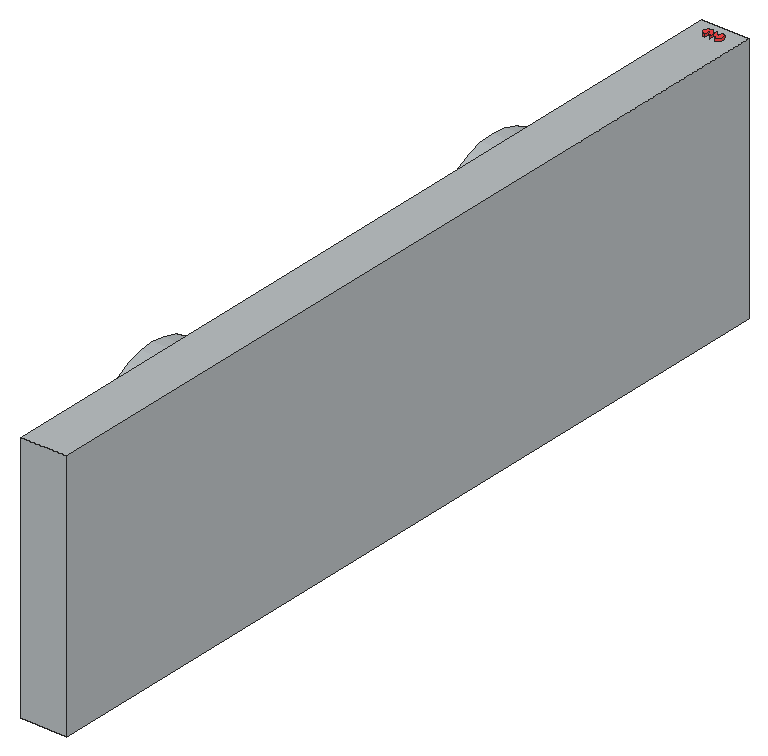
Revit family "NLRS_57_AIR_UN_plenum_linear-ceiling-grill-soooxx-for-stxr_2xD_supply_LT_sacs", category Air Terminals, Revit 2021
Family settings
  Round Connector Dimension = Use Diameter
  Part Type = Normal
  Work Plane-Based = No
  Always vertical = Yes
  Cut with Voids When Loaded = No
  Shared = No
  Room Calculation Point = Yes
Parameters (values of type "SOOOxx-special")
  URL = "https://solid-air.nl/producten/solid-air-lijnrooster-stad-stbd-srod/"
  Type Comments = "Special plenums for Line grill STxR"  # constant formula
  Swap_Arrows [instance] = no
  Slots (1-2) [instance] = 1
  SACS_West_Arrow [instance] = and(or([Pattern (0-2)] > 1, and([Pattern (0-2)] < 1, not(Swap_Arrows)), and([Pattern (0-2)] = 1, Swap_Arrows)), SACS_Show_Arrows)  # yes
  SACS_Warning_Text_Size [instance] = if(NLRS_M_c01_diameter - 2 mm > SACS_Diameter, "Requested diameter to big, or plenum length to small", " ")  # " "
  SACS_Type_Mark [instance] = ""
  SACS_Show_Symbol [instance] = yes
  SACS_Show_Arrows [instance] = yes
  SACS_Plenum_Offset [instance] = if(SACS_Index3 = 2 mm, 10 mm, 17.6 mm) + 4.5 mm  # 22.1 mm
  SACS_Plenum_L [instance] = NLRS_C_lengte - 12 mm  # 888 mm
  SACS_Plenum_H [instance] = 95 mm + NLRS_M_c01_diameter + 25 mm + 4.5 mm  # 284.5 mm
  SACS_Plenum_B [instance] = if(SACS_Index3 = 2 mm, 63 mm, 48.8 mm) + (SACS_Index1 - 1 mm) * 43.3  # 48.8 mm
  SACS_Option_4 [instance] = if([Slots (1-2)] < 2, "Single slot", "2 slots")  # "Single slot"
  SACS_Option_3_Value [instance] = if([Brackets (0-1)] < 1, 5, 2)  # 5
  SACS_Option_3 [instance] = if([Brackets (0-1)] > 0, "B = Plenum bracket B", "O = None")  # "O = None"
  SACS_Option_2 [instance] = if([Plenum_Type (1-2)] < 2, "R = Lined", "U = Plain")  # "R = Lined"
  SACS_Option_1 [instance] = "SOOO"  # constant formula
  SACS_Offset2 [instance] = (SACS_Plenum_L / 4) * SACS_Dummy  # 222 mm
  SACS_Offset1 [instance] = 99.5 mm + (SACS_Diameter / 2) + 4.5 mm  # 183 mm
  SACS_Model_Size [instance] = SACS_Length_Y  # 900 mm
  SACS_Model [instance] = if(or(SACS_Is_Standard_Width, SACS_Existing_Product), size_lookup(SACS_Data_Hidden, "Model", "NB", SACS_Length_STD, SACS_Index1, SACS_Index2, SACS_Index3, NLRS_M_c01_diameter), "SOOO uncoded")  # "SOOORO L=xxxx-1 D=2x160 P=280"
  SACS_Manual_Airflow [instance] = 0.0 L/s
  SACS_Length_Y [instance] = if(NLRS_C_lengte < (NLRS_M_c01_diameter * 2) + 14 mm, (NLRS_M_c01_diameter * 2) + 14 mm, NLRS_C_lengte)  # 900 mm
  SACS_Length_STD [instance] = if(SACS_Is_Standard_Width, SACS_Model_Size, 0 mm)  # 0 mm
  SACS_Is_Standard_Width [instance] = size_lookup(SACS_Data_Hidden, "L_Plenum", -1 mm, SACS_Model_Size, SACS_Index1, SACS_Index2, SACS_Index3, NLRS_M_c01_diameter) > -1 mm  # no
  SACS_Index3 [instance] = if([Brackets (0-1)] < 1, 4, 1) * 1 mm  # 4 mm
  SACS_Index2 [instance] = if([Plenum_Type (1-2)] < 2, 1 mm, 2 mm)  # 1 mm
  SACS_Index1 [instance] = if([Slots (1-2)] < 2, 1 mm, 2 mm)  # 1 mm
  SACS_Flow_Pattern [instance] = if([Pattern (0-2)] < 1, "Left", if([Pattern (0-2)] = 1, "Right", "Left + Right"))  # "Left + Right"
  SACS_Existing_Product [instance] = size_lookup(SACS_Data_Hidden, "L_Plenum", -1 mm, 0 mm, SACS_Index1, SACS_Index2, SACS_Index3, NLRS_M_c01_diameter) > -1 mm  # yes
  SACS_East_Arrow [instance] = and(or([Pattern (0-2)] > 1, and([Pattern (0-2)] = 1, not(Swap_Arrows)), and([Pattern (0-2)] < 1, Swap_Arrows)), SACS_Show_Arrows)  # yes
  SACS_Dummy = 1  # constant formula
  SACS_Diameter2 [instance] = SACS_Diameter + 2 mm  # 160 mm
  SACS_Diameter [instance] = NLRS_M_c01_diameter - 2 mm  # 158 mm
  SACS_Data_Hidden = "SOOOxx_2xD"  # constant formula
  SACS_Article_Code [instance] = if(or(SACS_Is_Standard_Width, SACS_Existing_Product), size_lookup(SACS_Data_Hidden, "ArticleCode", "NB", SACS_Length_STD, SACS_Index1, SACS_Index2, SACS_Index3, NLRS_M_c01_diameter), "NB")  # "NB"
  SACS_Array_End [instance] = SACS_Array_Base * SACS_Array_Count * 2  # 600 mm
  SACS_Array_Count [instance] = if(NLRS_C_lengte > 1200 mm, 3, 2)  # 2
  SACS_Array_Base [instance] = NLRS_C_lengte / (SACS_Array_Count + 1) / 2  # 150 mm
  SA-Select [instance] = "https://selectietool.solid-air.nl/Dashboard/CPMDashPage/Show/7"
  Plenum_Type (1-2) [instance] = 1
  Plenum_Material = NLRS_57_sendzimir verzinkt_gen_sacs
  Pattern (0-2) [instance] = 2
  NLRS_M_c02_diameter [instance] = NLRS_M_c01_diameter * SACS_Dummy  # 160 mm
  NLRS_M_c02_debiet [instance] = (SACS_Manual_Airflow / 2) * SACS_Dummy  # 0.0 L/s
  NLRS_M_c01_drukverlies_statisch [instance] = 0.0 Pa
  NLRS_M_c01_diameter [instance] = 160 mm
  NLRS_M_c01_debiet [instance] = (SACS_Manual_Airflow / 2) * SACS_Dummy  # 0.0 L/s
  NLRS_C_model [instance] = SACS_Model  # "SOOORO L=xxxx-1 D=2x160 P=280"
  NLRS_C_lengte [instance] = 900 mm
  NLRS_C_hoogte [instance] = SACS_Plenum_H * SACS_Dummy  # 284.5 mm
  NLRS_C_gtin_code [instance] = if(or(SACS_Is_Standard_Width, SACS_Existing_Product), size_lookup(SACS_Data_Hidden, "GTIN", "NB", SACS_Length_STD, SACS_Index1, SACS_Index2, SACS_Index3, NLRS_M_c01_diameter), "NB")  # "NB"
  NLRS_C_description = Description  # "Solid Air plenum for line Diffuser"
  NLRS_C_content_versie = "2.21.01"  # constant formula
  NLRS_C_content_provider = "Solid Air Climate Solutions"  # constant formula
  NLRS_C_content_datum_gewijzigd = "11-03-2024"  # constant formula
  NLRS_C_content_creator = "J.Feeke"  # constant formula
  NLRS_C_breedte [instance] = if(SACS_Index3 = 2 mm, 65 mm, 52 mm) + (SACS_Index1 - 1 mm) * 43.3  # 52 mm
  Model = "Special plenums for STxR"  # constant formula
  Min Flow = 0.0 L/s
  Max Flow = 0.0 L/s
  Manufacturer = "Solid Air Climate Solutions"  # constant formula
  Description = "Solid Air plenum for line Diffuser"  # constant formula
  Default Elevation = 2700 mm
  Brackets (0-1) [instance] = 0
  Assembly Code = "57.00"
Reference planes
  plane 1 "Center (Front/Back)": y = 0
  plane 2: z = 0
  plane 3 "Center (Left/Right)": x = 0
  plane 4: y = 450
  plane 5: y = -450
  plane 6: y = 444
  plane 7: y = -444
  plane 8: x = -24.4
  plane 9: x = 24.4
  plane 10: x = -26
  plane 11: x = 26
  plane 12: x = -76
  plane 13: x = 76
  plane 14: z = 22.1
  plane 15: z = 183
  plane 16 "Top": z = 284.5
  plane 17: y = -300
  plane 18: y = 300
  plane 19: y = 222
  plane 20: y = -222
Forms (mm)
  Extrusion 1, solid, material "NLRS_57_sendzimir verzinkt_gen_sacs" <- "Plenum_Material", detail levels medium+fine
    sketch origin (0, 0, 0) x (1, 0, 0) y (0, 0, 1)
      loop
        line (-24.4, 284.5) -> (-24.4, 22.1) -> (24.4, 22.1) -> (24.4, 284.5) -> (-24.4, 284.5)
    from -444 to 444
  Extrusion 2, solid, material "NLRS_57_sendzimir verzinkt_gen_sacs" <- "Plenum_Material", detail levels medium+fine
    sketch origin (0, 0, 0) x (0, 1, 0) y (0, 0, 1)
      loop
        circle (-222, 183) r 79
      loop
        circle (222, 183) r 79
    from -64.4 to -24.4
Lines and regions (mm)
  model lines, visible <- "SACS_Show_Symbol", detail levels coarse
    curve 1: line (-26, 450, 0) -> (26, 450, 0)
    curve 2: line (-26, -450, 0) -> (-26, 450, 0)
    curve 3: line (26, -450, 0) -> (-26, -450, 0)
    curve 4: line (26, 450, 0) -> (26, -450, 0)
    curve 5: line (-26, 450, 0) -> (26, -450, 0)
    curve 6: line (-26, -450, 0) -> (26, 450, 0)
Dimensions and locks
  equal spacing: plane 5, plane 1 "Center (Front/Back)", plane 4
  "SACS_Length_Y": plane 5 to plane 4
  equal spacing: plane 6, plane 1 "Center (Front/Back)", plane 7
  "SACS_Plenum_L": plane 6 to plane 7
  equal spacing: plane 10, plane 3 "Center (Left/Right)", plane 11
  "NLRS_C_breedte": plane 10 to plane 11
  "SACS_Plenum_B": plane 8 to plane 9
  equal spacing: plane 8, plane 3 "Center (Left/Right)", plane 9
  locked: plane 12 to plane 10 at 50
  locked: plane 11 to plane 13 at 50
  "SACS_Plenum_Offset": plane 14 to plane 2
  "SACS_Plenum_H": plane 16 "Top" to plane 2
  "SACS_Offset1": plane 15 to plane 2
  locked: Extrusion 2 to plane 8 at 40
  "SACS_Array_Base": plane 5 to plane 17
  "SACS_Array_End": plane 18 to plane 17
  group 1 to group 2 = 0 mm  (x2)
  group 1 to group 2 = 600 mm
  group 3 to group 4 = 0 mm  (x2)
  group 3 to group 4 = 600 mm
  group 5 to group 6 = 0 mm  (x2)
  group 5 to group 6 = 600 mm
  "SACS_Offset2": plane 6 to plane 19
  "SACS_Offset2": plane 20 to plane 7
  locked: plane 6 to nested 7 at 15
  "SACS_Diameter": diameter of Extrusion 2 sketch curve  (x2)
  aligned and locked: level to plane 2
  aligned and locked: plane 8 to Extrusion 1 sketch curve
  aligned and locked: Extrusion 1 sketch curve to plane 9
  aligned and locked: plane 14 to Extrusion 1 sketch curve
  aligned and locked: Extrusion 1 sketch curve to plane 16 "Top"
  aligned and locked: plane 6 to Extrusion 1
  aligned and locked: Extrusion 1 to plane 7
  aligned and locked: plane 15 to Extrusion 2 sketch curve  (x2)
  aligned and locked: plane 8 to Extrusion 2
  aligned and locked: plane 17 to nested 2
  aligned and locked: nested 1 to plane 17
  aligned and locked: plane 13 to nested 1
  aligned and locked: nested 2 to plane 12
  aligned and locked: nested 3 to plane 12
  aligned and locked: plane 18 to nested 3
  aligned and locked: plane 13 to nested 4  (x2)
  aligned and locked: curve 2 to plane 10
  aligned and locked: plane 4 to curve 1
  aligned and locked: curve 3 to plane 5
  aligned and locked: plane 11 to curve 4
  aligned and locked: plane 3 "Center (Left/Right)" to nested 5
  aligned and locked: nested 5 to plane 17
  aligned and locked: nested 6 to plane 18
  aligned and locked: plane 20 to Extrusion 2 sketch curve
  aligned and locked: plane 19 to Extrusion 2 sketch curve
  aligned and locked: plane 3 "Center (Left/Right)" to nested 7
  aligned and locked: nested 4 to plane 18
Nested families
  nested 1: "Arrow" at (76, -300, 0), visible <- "SACS_East_Arrow", type "Arrow"
  nested 2: "Arrow" at (-76, -300, 0) x (-1, 0, 0) z (0, 0, 1), visible <- "SACS_West_Arrow", type "Arrow"
  nested 3: "Arrow" at (-76, 300, 0) x (-1, 0, 0) z (0, 0, 1), visible <- "SACS_West_Arrow", type "Arrow"
  nested 4: "Arrow" at (76, 300, 0), visible <- "SACS_East_Arrow", type "Arrow"
  nested 5: "bracket" at (0, -300, -4.5), type "bracket"
    with Type_A no, Diameter 160 mm, Bracket 5
  nested 6: "bracket" at (0, 300, -4.5), type "bracket"
    with Type_A no, Diameter 160 mm, Bracket 5
  nested 7: "logo_SACS" at (0, 429, 284.5), type "logo_SACS"
    with t 5 mm
Connectors
  hvac at (-24.4, -222, 183), driven by "NLRS_M_c01_diameter", driven by "NLRS_M_c01_debiet"
    settings: on Extrusion 2, index 1, duct flow 0.0 L/s, flow factor 0, pres drop 0.0 Pa, loss coef 0, conn angle 0.00°, conn width 304.8 mm, conn height 304.8 mm, conn diameter 160 mm, duct sys type 1, conn prof type 0, flow config 1, flow direction 1, loss method 4, conn ref index -1, conn util no, is conn primary no, conn desc ""
  hvac at (-24.4, 222, 183), driven by "NLRS_M_c02_debiet", driven by "NLRS_M_c02_diameter"
    settings: on Extrusion 2, index 2, duct flow 0.0 L/s, flow factor 0, pres drop 0.0 Pa, loss coef 0, conn angle 0.00°, conn width 304.8 mm, conn height 304.8 mm, conn diameter 160 mm, duct sys type 1, conn prof type 0, flow config 1, flow direction 1, loss method 4, conn ref index -1, conn util no, is conn primary no, conn desc ""
  hvac at (0, 0, 22.1), driven by "SACS_Plenum_L", driven by "SACS_Plenum_B", driven by "NLRS_M_c01_drukverlies_statisch", driven by "SACS_Manual_Airflow"
    settings: on Extrusion 1, index 3, duct flow 0.0 L/s, flow factor 0, pres drop 0.0 Pa, loss coef 0, conn angle 0.00°, conn width 48.8 mm, conn height 888 mm, conn diameter 609.6 mm, duct sys type 1, conn prof type 1, flow config 1, flow direction 2, loss method 4, conn ref index -1, conn util no, is conn primary yes, conn desc ""
Definition of nested family "logo_SACS"
  Parameters (values of type "logo_SACS")
    t = 2 mm
    Model = "LOD 400"
    Description = "Model type"
    Default Elevation = 1219.2 mm
  Reference planes
    plane 1 "Center (Front/Back)": y = 0
    plane 2: z = 0
    plane 3 "Center (Left/Right)": x = 0
    plane 4: z = 2
    plane 5: x = -4
    plane 6: y = -2
    plane 7: y = 2
    plane 8: x = -2
    plane 9: x = 2
    plane 10: x = 4
  Forms (mm)
    Extrusion 1, solid
      sketch origin (-547.644, -297.937, 0) x (1, 0, 0) y (0, 1, 0)
        loop
          arc (545.644, 299.937) -> (543.644, 297.937) -> (545.644, 295.937) r 2
          line (545.644, 295.937) -> (545.644, 297.937) -> (547.644, 295.937) -> (547.644, 297.937) -> (545.644, 299.937)
      from 0 to 2
    Extrusion 2, solid
      sketch origin (0, 0, 0) x (1, 0, 0) y (0, 1, 0)
        loop
          arc (2, -2) -> (4, 0) -> (2, 2) r 2
          line (2, 2) -> (2, 0) -> (0, 2) -> (0, 0) -> (2, -2)
      from 0 to 2
  Dimensions and locks
    "t": plane 7 to plane 1 "Center (Front/Back)"
    "t": plane 6 to plane 1 "Center (Front/Back)"
    "t": plane 5 to plane 8
    "t": plane 8 to plane 3 "Center (Left/Right)"
    "t": plane 3 "Center (Left/Right)" to plane 9
    "t": plane 9 to plane 10
    aligned and locked: level to plane 2
    aligned and locked: plane 4 to Extrusion 1
  Automatic sketch dimensions
    plane 1 "Center (Front/Back)" to Extrusion 1 sketch curve = 0 mm  (x3)
    Extrusion 1 sketch curve to plane 8 = 0 mm
    Extrusion 1 sketch curve to plane 7 = 0 mm
    Extrusion 1 sketch curve to plane 3 "Center (Left/Right)" = 0 mm
    Extrusion 1 sketch curve to plane 6 = 0 mm
    Extrusion 2 sketch curve to plane 3 "Center (Left/Right)" = 0 mm
    plane 1 "Center (Front/Back)" to Extrusion 2 sketch curve = 0 mm  (x3)
    Extrusion 2 sketch curve to plane 6 = 0 mm
    Extrusion 2 sketch curve to plane 9 = 0 mm
    Extrusion 2 sketch curve to plane 7 = 0 mm
Definition of nested family "Arrow"
  Parameters (values of type "Arrow")
    Offset = 400 mm
    Arrow_Length = 175 mm  # constant formula
  Reference planes
    plane 1 "Center (Front/Back)": y = 0
    plane 2: z = 0
    plane 3 "Center (Left/Right)": x = 0
    plane 4: x = 175
    plane 5: y = 0
    plane 6: x = 175
    plane 7: x = 0
    plane 8: y = 0
  Lines and regions (mm)
    Filled region 1, type "Solid Fill - Black", in view "Ref. Level"
      outline origin (0, 0, 0) x (0, -1, 0) y (1, 0, 0)
        loop
          line (0, 175) -> (-21.131, 129.685) -> (21.131, 129.685) -> (0, 175)
    detail lines, in view "Ref. Level"
      curve 1: line (0, 0, 0) -> (152.343, 0, 0)
  Dimensions and locks
    locked: plane 3 "Center (Left/Right)" to plane 7
    locked: plane 8 to plane 1 "Center (Front/Back)" at 0
    locked: Filled region 1 sketch curve to Filled region 1 sketch curve at 50  (x2)
    "Arrow_Length": plane 3 "Center (Left/Right)" to plane 6
    locked: Filled region 1 sketch curve to curve 1 (angle 25.00°)
    locked: curve 1 to Filled region 1 sketch curve (angle 25.00°)
  Automatic sketch dimensions
    plane 1 "Center (Front/Back)" to Filled region 1 sketch curve = 0 mm
    Filled region 1 sketch curve to plane 4 = 45.315 mm
    plane 1 "Center (Front/Back)" to curve 1 = 0 mm
    curve 1 to plane 3 "Center (Left/Right)" = 0 mm
    curve 1 to plane 4 = 22.657 mm
Definition of nested family "bracket"
  Parameters (values of type "bracket")
    slots = 1
    count = if(slots < 1, 0, (slots - 1)) * Dummy  # 0
    Type_D = Bracket = 4  # no
    Type_CD = or(Type_C, Type_D)  # no
    Type_C = Bracket = 3  # no
    Type_B = Bracket = 2  # no
    Type_A = Bracket = 1  # yes
    Material = none
    Dummy = 1  # constant formula
    Diameter = 125 mm
    Default Elevation = 0 mm
    Ceiling = 5 mm
    Bracket = 1
  Reference planes
    plane 1 "Center (Front/Back)": y = 0
    plane 2: z = 0
    plane 3 "Center (Left/Right)": x = 0
    plane 4: y = 7.5
    plane 5: y = -7.5
  Forms (mm)
    Sweep 1, solid, material <- "Material", visible <- "Type_A", detail levels medium+fine
      path in 3D
        loop
          line (0, 7.5, 32.8) -> (0, -7.5, 32.8)
      profile "Profile_A : Profile_A" origin (0, 0, 32.8) x (0, 0, -1) y (1, 0, 0)
        loop
          line (-17.25, 44.75) -> (-19.25, 44.75) -> (-19.25, 26.85) -> (16.42, 26.85) -> (18.67, 24.6) -> (12.3, 24.6) -> (12.3, 22.6) -> (28.25, 22.6) -> (28.25, 24.6) -> (21.5, 24.6) -> (17.25, 28.85) -> (-17.25, 28.85) -> (-17.25, 44.75)
        loop
          line (-17.25, -44.75) -> (-17.25, -28.85) -> (17.25, -28.85) -> (21.5, -24.6) -> (28.25, -24.6) -> (28.25, -22.6) -> (12.3, -22.6) -> (12.3, -24.6) -> (18.67, -24.6) -> (16.42, -26.85) -> (-19.25, -26.85) -> (-19.25, -44.75) -> (-17.25, -44.75)
    Sweep 2, solid, material <- "Material", visible <- "Type_B", detail levels medium+fine
      path in 3D
        loop
          line (0, 7.5, 32.8) -> (0, -7.5, 32.8)
      profile "Profile_B : Profile_B" origin (0, 0, 32.8) x (0, 0, -1) y (1, 0, 0)
        loop
          line (-216.75, 56.4) -> (-216.75, 24.4) -> (-184.75, 24.4) -> (-184.75, 26.4) -> (-214.75, 26.4) -> (-214.75, 56.4) -> (-216.75, 56.4)
        loop
          line (-216.75, -56.4) -> (-214.75, -56.4) -> (-214.75, -26.4) -> (-184.75, -26.4) -> (-184.75, -24.4) -> (-216.75, -24.4) -> (-216.75, -56.4)
    Sweep 3, solid, material <- "Material", visible <- "Type_CD", detail levels medium+fine
      path in 3D
        loop
          line (0, 7.5, 32.8) -> (0, -7.5, 32.8)
      profile "Profile_CD : Profile_CD" origin (0, 0, 32.8) x (0, 0, -1) y (1, 0, 0)
        loop
          line (-40.7, 25) -> (-40.7, -25) -> (18.3, -30.5) -> (18.3, -28.5) -> (-38.7, -23.55) -> (-38.7, 23.55) -> (18.3, 28.5) -> (18.3, 30.5) -> (-40.7, 25)
        loop
          arc (-25, -8.5) -> (-24.298, -10.428) -> (-22.521, -11.454) r 3
          line (-22.521, -11.454) -> (-2.826, -14.925)
          arc (-2.826, -14.925) -> (-2.234, -15.267) -> (-2, -15.91) r 1
          line (-2, -15.91) -> (-2, -20.5) -> (0, -20.5) -> (0, -15.91)
          arc (0, -15.91) -> (-0.702, -13.982) -> (-2.479, -12.956) r 3
          line (-2.479, -12.956) -> (-22.174, -9.485)
          arc (-22.174, -9.485) -> (-22.766, -9.143) -> (-23, -8.5) r 1
          line (-23, -8.5) -> (-23, 8.5)
          arc (-23, 8.5) -> (-22.766, 9.143) -> (-22.174, 9.485) r 1
          line (-22.174, 9.485) -> (-2.479, 12.956)
          arc (-2.479, 12.956) -> (-0.702, 13.982) -> (0, 15.91) r 3
          line (0, 15.91) -> (0, 20.5) -> (-2, 20.5) -> (-2, 15.91)
          arc (-2, 15.91) -> (-2.234, 15.267) -> (-2.826, 14.925) r 1
          line (-2.826, 14.925) -> (-22.521, 11.454)
          arc (-22.521, 11.454) -> (-24.298, 10.428) -> (-25, 8.5) r 3
          line (-25, 8.5) -> (-25, -8.5)
    Extrusion 4, solid, not visible
      sketch origin (-547.644, -297.937, 0) x (1, 0, 0) y (0, 1, 0)
        loop
          arc (545.644, 299.937) -> (543.644, 297.937) -> (545.644, 295.937) r 2
          line (545.644, 295.937) -> (545.644, 297.937) -> (547.644, 295.937) -> (547.644, 297.937) -> (545.644, 299.937)
      from 0 to 2
    Extrusion 5, solid, not visible
      sketch origin (0, 0, 0) x (1, 0, 0) y (0, 1, 0)
        loop
          arc (2, -2) -> (4, 0) -> (2, 2) r 2
          line (2, 2) -> (2, 0) -> (0, 2) -> (0, 0) -> (2, -2)
      from 0 to 2
  Lines and regions (mm)
    model lines, not visible
      curve 1: line (0, 7.5, 32.8) -> (0, -7.5, 32.8)
    sketch lines
      curve 2: line (0, 7.5, 32.8) -> (0, -7.5, 32.8)
      curve 3: line (0, 7.5, 32.8) -> (0, -7.5, 32.8)
      curve 4: line (0, 7.5, 32.8) -> (0, -7.5, 32.8)
  Dimensions and locks
    equal spacing: plane 5, plane 1 "Center (Front/Back)", plane 4
    locked: plane 4 to plane 5 at 15
    locked: plane 2 to curve 1 at 32.8
    aligned and locked: level to plane 2
    aligned and locked: plane 5 to curve 1
    aligned and locked: plane 4 to curve 1
  Automatic sketch dimensions
    plane 1 "Center (Front/Back)" to Extrusion 4 sketch curve = 0 mm  (x3)
    Extrusion 4 sketch curve to plane 3 "Center (Left/Right)" = 0 mm
    Extrusion 4 sketch curve to plane 3 "Center (Left/Right)" = 2 mm
    Extrusion 4 sketch curve to Extrusion 4 sketch curve = 2 mm  (x2)
    plane 1 "Center (Front/Back)" to Extrusion 5 sketch curve = 0 mm  (x3)
    Extrusion 5 sketch curve to plane 3 "Center (Left/Right)" = 0 mm
    Extrusion 5 sketch curve to Extrusion 5 sketch curve = 2 mm  (x2)
    Extrusion 5 sketch curve to Extrusion 5 sketch curve = 0 mm
